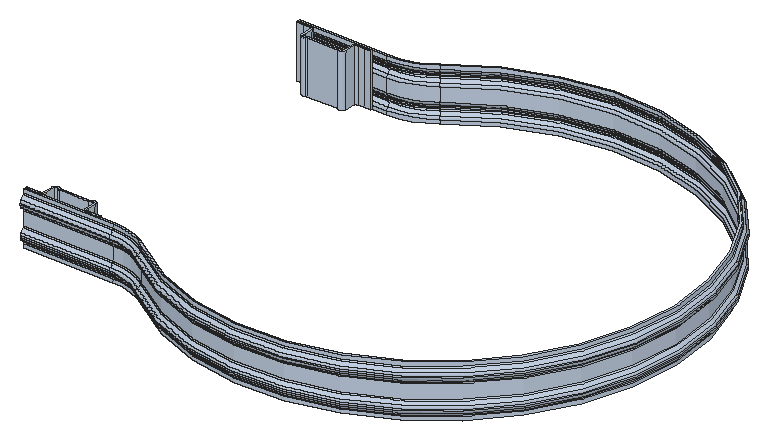
Revit family "EV_BACK PROTECTION RING_1857180", category Generic Models, Revit 2018
Family settings
  Can host rebar = No
  Round Connector Dimension = Use Diameter
  Part Type = Normal
  OmniClass Number = 35.51.14.00
  OmniClass Title = FORMWORK
  Work Plane-Based = Yes
  Always vertical = No
  Cut with Voids When Loaded = No
  Shared = Yes
  Room Calculation Point = No
Parameters
  VERSION = "20170217"  # constant formula
  URL = "www.ulmaconstruction.com/en"
  UNICLASS = ""
  Manufacturer = "ULMA CONSTRUCTION"  # constant formula
  ITEM_CODE = "1857180"
  FILTER [instance] = ""
  Default Elevation = 0.000 mm
  CLASSIFICATION_TITLE = ""
  CLASSIFICATION_NUMBER = ""
Reference planes
  plane 1 "Centro (Frontal/Posterior)": y = 0
  plane 2: z = 0
  plane 3 "Centro (Izquierda/Derecha)": x = 0
  plane 4 "Barrido": z = -100
Forms (mm)
  Sweep 1, solid, material "ULMA STEEL"
    path origin (0, 0, -100) x (1, 0, 0) y (0, 1, 0)
      loop
        line (-56.5, 0) -> (79.644, 0)
        arc (79.644, 0) -> (112.613, -5.591) -> (141.895, -21.739) r 100
        arc (141.895, -21.739) -> (726, 260) -> (141.895, 541.739) r 360
        arc (141.895, 541.739) -> (112.613, 525.591) -> (79.644, 520) r 100
        line (79.644, 520) -> (-56.5, 520)
    profile origin (11.572, 0, -100) x (0, 1, 0) y (0, 0, 1)
      loop
        line (-3.879, -7.879) -> (-8.243, -12.243)
        arc (-8.243, -12.243) -> (-9.543, -14.189) -> (-10, -16.485) r 6
        line (-10, -16.485) -> (-10, -18.515)
        arc (-10, -18.515) -> (-9.543, -20.811) -> (-8.243, -22.757) r 6
        line (-8.243, -22.757) -> (-3.879, -27.121)
        arc (-3.879, -27.121) -> (-3.228, -28.095) -> (-3, -29.243) r 3
        line (-3, -29.243) -> (-3, -50.757)
        arc (-3, -50.757) -> (-3.228, -51.905) -> (-3.879, -52.879) r 3
        line (-3.879, -52.879) -> (-8.243, -57.243)
        arc (-8.243, -57.243) -> (-9.543, -59.189) -> (-10, -61.485) r 6
        line (-10, -61.485) -> (-10, -63.515)
        arc (-10, -63.515) -> (-9.543, -65.811) -> (-8.243, -67.757) r 6
        line (-8.243, -67.757) -> (-3.879, -72.121)
        arc (-3.879, -72.121) -> (-3.228, -73.095) -> (-3, -74.243) r 3
        line (-3, -74.243) -> (-3, -80) -> (0, -80) -> (0, -74.243)
        arc (0, -74.243) -> (-0.457, -71.947) -> (-1.757, -70) r 6
        line (-1.757, -70) -> (-6.121, -65.636)
        arc (-6.121, -65.636) -> (-6.772, -64.663) -> (-7, -63.515) r 3
        line (-7, -63.515) -> (-7, -61.485)
        arc (-7, -61.485) -> (-6.772, -60.337) -> (-6.121, -59.364) r 3
        line (-6.121, -59.364) -> (-1.757, -55)
        arc (-1.757, -55) -> (-0.457, -53.053) -> (0, -50.757) r 6
        line (0, -50.757) -> (0, -29.243)
        arc (0, -29.243) -> (-0.457, -26.947) -> (-1.757, -25) r 6
        line (-1.757, -25) -> (-6.121, -20.636)
        arc (-6.121, -20.636) -> (-6.772, -19.663) -> (-7, -18.515) r 3
        line (-7, -18.515) -> (-7, -16.485)
        arc (-7, -16.485) -> (-6.772, -15.337) -> (-6.121, -14.364) r 3
        line (-6.121, -14.364) -> (-1.757, -10)
        arc (-1.757, -10) -> (-0.457, -8.053) -> (0, -5.757) r 6
        line (0, -5.757) -> (0, 0) -> (-3, 0) -> (-3, -5.757)
        arc (-3, -5.757) -> (-3.228, -6.905) -> (-3.879, -7.879) r 3
  Extrusion 2, solid, material "ULMA STEEL"
    sketch origin (0, 0, -100) x (1, 0, 0) y (0, 1, 0)
      loop
        line (46.5, 517) -> (56.5, 517) -> (56.5, 520) -> (46.5, 520) -> (36.5, 520)
        arc (36.5, 520) -> (32.257, 518.243) -> (30.5, 514) r 6
        line (30.5, 514) -> (30.5, 499.5)
        arc (30.5, 499.5) -> (28.919, 496.857) -> (25.842, 497) r 3
        arc (25.842, 497) -> (24.257, 497.745) -> (22.525, 498) r 6
        line (22.525, 498) -> (-22.525, 498)
        arc (-22.525, 498) -> (-24.257, 497.745) -> (-25.842, 497) r 6
        arc (-25.842, 497) -> (-28.919, 496.857) -> (-30.5, 499.5) r 3
        line (-30.5, 499.5) -> (-30.5, 514)
        arc (-30.5, 514) -> (-32.257, 518.243) -> (-36.5, 520) r 6
        line (-36.5, 520) -> (-46.5, 520) -> (-56.5, 520) -> (-56.5, 517) -> (-46.5, 517) -> (-36.5, 517)
        arc (-36.5, 517) -> (-34.379, 516.121) -> (-33.5, 514) r 3
        line (-33.5, 514) -> (-33.5, 499.5)
        arc (-33.5, 499.5) -> (-30.337, 494.213) -> (-24.183, 494.5) r 6
        arc (-24.183, 494.5) -> (-23.391, 494.872) -> (-22.525, 495) r 3
        line (-22.525, 495) -> (22.525, 495)
        arc (22.525, 495) -> (23.391, 494.872) -> (24.183, 494.5) r 3
        arc (24.183, 494.5) -> (30.337, 494.213) -> (33.5, 499.5) r 6
        line (33.5, 499.5) -> (33.5, 514)
        arc (33.5, 514) -> (34.379, 516.121) -> (36.5, 517) r 3
        line (36.5, 517) -> (46.5, 517)
      loop
        line (56.5, 3) -> (46.5, 3) -> (36.5, 3)
        arc (36.5, 3) -> (34.379, 3.879) -> (33.5, 6) r 3
        line (33.5, 6) -> (33.5, 20.5)
        arc (33.5, 20.5) -> (30.337, 25.787) -> (24.183, 25.5) r 6
        arc (24.183, 25.5) -> (23.391, 25.128) -> (22.525, 25) r 3
        line (22.525, 25) -> (-22.525, 25)
        arc (-22.525, 25) -> (-23.391, 25.128) -> (-24.183, 25.5) r 3
        arc (-24.183, 25.5) -> (-30.337, 25.787) -> (-33.5, 20.5) r 6
        line (-33.5, 20.5) -> (-33.5, 6)
        arc (-33.5, 6) -> (-34.379, 3.879) -> (-36.5, 3) r 3
        line (-36.5, 3) -> (-46.5, 3) -> (-56.5, 3) -> (-56.5, 0) -> (-46.5, 0) -> (-36.5, 0)
        arc (-36.5, 0) -> (-32.257, 1.757) -> (-30.5, 6) r 6
        line (-30.5, 6) -> (-30.5, 20.5)
        arc (-30.5, 20.5) -> (-28.919, 23.143) -> (-25.842, 23) r 3
        arc (-25.842, 23) -> (-24.257, 22.255) -> (-22.525, 22) r 6
        line (-22.525, 22) -> (22.525, 22)
        arc (22.525, 22) -> (24.257, 22.255) -> (25.842, 23) r 6
        arc (25.842, 23) -> (28.919, 23.143) -> (30.5, 20.5) r 3
        line (30.5, 20.5) -> (30.5, 6)
        arc (30.5, 6) -> (32.257, 1.757) -> (36.5, 0) r 6
        line (36.5, 0) -> (46.5, 0) -> (56.5, 0) -> (56.5, 3)
    from -80 to 0
Dimensions and locks
  aligned and locked: level to plane 2
